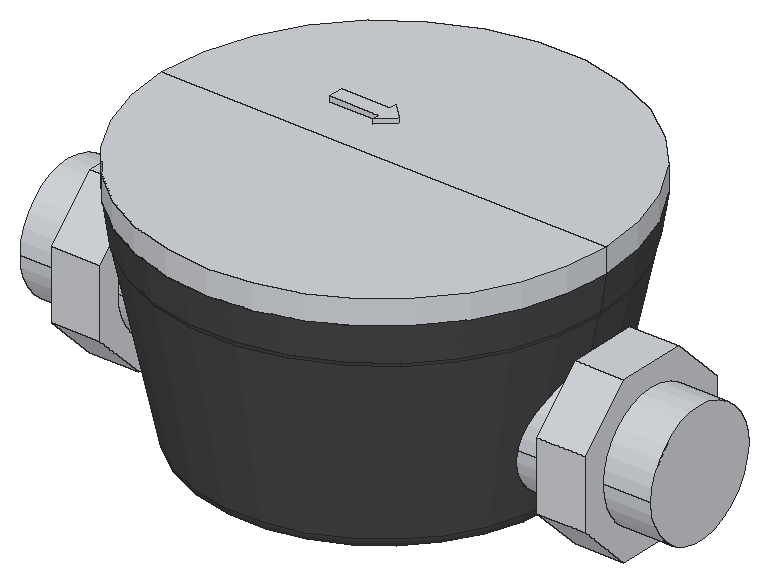
Revit family "Kamstrup_Multical_21", category Арматура трубопроводов, Revit 2016
Family settings
  Тип детали = Встроенный датчик
  Размер круглого соединителя = Использовать диаметр
  На основе рабочей плоскости = Нет
  Всегда вертикально = Да
  При загрузке вырезать с полостями = Нет
  Общий = Нет
Parameters (values of type "021-66-A0L")
  Тип2 = "Multical 021-66-A0L8"
  Тип1 = "Multical 021-66-A0L7"
  Тип счетчика [instance] = 8 Счетчик холодной воды : 8 Счетчик холодной воды
  Телефон = "+7 495 545 00 01"  # constant formula
  Таблица_выбора = ""
  Наименование [instance] = if(Тип счетчика = ID01, Тип1, Тип2)  # "Multical 021-66-A0L8"
  built-in parameter 1114242 [instance] = (empty or 0)
  Изготовитель = "ЗАО «Камструп»"  # constant formula
  Адрес = "141008, Московская обл., г. Мытищи, ул. Колпакова, 26"  # constant formula
  e-mail = "info@kamstrup.ru"  # constant formula
  URL = "https://www.kamstrup.com"
  L = 130 mm
  ID02 = 8 Счетчик холодной воды : 8 Счетчик холодной воды
  ID01 = 7 Счетчик горячей воды : 7 Счетчик горячей воды
  G = 25 mm
  DN = 20 mm
  A = 10 mm
Types (6, lengths in mm): name | Тип2 | Тип1 | Тип счетчика | Наименование | L | G | DN
  (no name) | "Multical 021-66-A0L8" | "Multical 021-66-A0L7" | 8 Счетчик холодной воды : 8 Счетчик холодной воды | "Multical 021-66-A0L8" | 130 | 25 | 20
  021-66-A0A | "Multical 021-66-A0A8" | "Multical 021-66-A0A7" | 7 Счетчик горячей воды : 7 Счетчик горячей воды | "Multical 021-66-A0A7" | 110 | 20 | 15
  021-66-A0D | "Multical 021-66-A0D8" | "Multical 021-66-A0D7" | 7 Счетчик горячей воды : 7 Счетчик горячей воды | "Multical 021-66-A0D7" | 110 | 20 | 15
  021-66-A0G | "Multical 021-66-A0G8" | "Multical 021-66-A0G7" | 7 Счетчик горячей воды : 7 Счетчик горячей воды | "Multical 021-66-A0G7" | 105 | 25 | 20
  021-66-A0H | "Multical 021-66-A0H8" | "Multical 021-66-A0H7" | 7 Счетчик горячей воды : 7 Счетчик горячей воды | "Multical 021-66-A0H7" | 130 | 25 | 20
  021-66-A0L | "Multical 021-66-A0L8" | "Multical 021-66-A0L7" | 8 Счетчик холодной воды : 8 Счетчик холодной воды | "Multical 021-66-A0L8" | 130 | 25 | 20
Reference planes
  plane 1 "По центру (Вперед/Назад)": y = 0
  plane 2: z = 0
  plane 3 "По центру (Влево/Вправо)": x = 0
  plane 4: x = -65
  plane 5: x = 65
  plane 6: x = 55
  plane 7: x = -55
  plane 8: x = -45
  plane 9: x = 45
  plane 10: z = -16.9
  plane 11: z = 35.1
  plane 12: z = 30.1
Forms (mm)
  Extrusion 1, solid, detail levels medium+fine
    sketch origin (0, 0, 0) x (0, 1, 0) y (0, 0, 1)
      loop
        circle (0, 0) r 12.5
    from -65 to 65
  Revolve 2, solid, material "Kamstrup_СВМПЭ, черный", detail levels medium+fine
    sketch origin (0, 0, 0) x (1, 0, 0) y (0, 0, 1)
      loop
        line (44.525, 22.428) -> (45.8, 30.1) -> (0, 30.1) -> (0, -16.9) -> (33.571, -16.9)
        arc (33.571, -16.9) -> (35.459, -16.232) -> (36.506, -14.524) r 3
        line (36.506, -14.524) -> (44.217, 21.711)
        arc (44.217, 21.711) -> (44.336, 22.085) -> (44.525, 22.428) r 2
      axis (0, 30.1) -> (0, -16.9)
    angle from 0 to 360
  Revolve 3, solid, detail levels medium+fine
    sketch origin (0, 0, 0) x (1, 0, 0) y (0, 0, 1)
      loop
        line (0, 35.1) -> (0, 30.1) -> (45.8, 30.1) -> (45.8, 35.1) -> (0, 35.1)
      axis (0, 35.1) -> (0, 30.1)
    angle from 0 to 360
Lines and regions (mm)
  Masking region 1, detail levels coarse
    outline origin (0, 0, 0) x (1, 0, 0) y (0, 1, 0)
      loop
        line (-150, 0) -> (114.907, -96.418)
        arc (114.907, -96.418) -> (150, 0) -> (114.907, 96.418) r 150
        line (114.907, 96.418) -> (-150, 0)
  reference lines
    curve 1: line (-150, 150, 0) -> (150, 150, 0)
    curve 2: line (-150, -150, 0) -> (-150, 150, 0)
    curve 3: line (150, -150, 0) -> (-150, -150, 0)
    curve 4: line (150, 150, 0) -> (150, -150, 0)
    curve 5: line (-150, 0, 0) -> (150, 0, 0)
    curve 6: line (0, 150, 0) -> (0, -150, 0)
  model lines, detail levels coarse
    curve 7: circle (0, 0, 0) r 150 normal (0, 0, 1)
    curve 8: line (-265, 150, 0) -> (-195, 150, 0)
    curve 9: line (-195, 150, 0) -> (-220.981, 165, 0)
    curve 10: line (-195, 150, 0) -> (-220.981, 135, 0)
    curve 11: line (150, 0, 0) -> (220, 0, 0)
    curve 12: line (-150, 0, 0) -> (-220, 0, 0)
    curve 25: line (-150, 0, 0) -> (114.907, 96.418, 0)
    curve 26: line (-150, 0, 0) -> (114.907, -96.418, 0)
  reference lines, not visible
    curve 13: line (1053.637, 715.232, 0) -> (1353.637, 715.232, 0)
    curve 14: line (1053.637, 415.232, 0) -> (1053.637, 715.232, 0)
    curve 15: line (1353.637, 415.232, 0) -> (1053.637, 415.232, 0)
    curve 16: line (1353.637, 715.232, 0) -> (1353.637, 415.232, 0)
    curve 17: line (1053.637, 565.232, 0) -> (1353.637, 565.232, 0)
    curve 18: line (1203.637, 715.232, 0) -> (1203.637, 415.232, 0)
  model lines, not visible, detail levels coarse
    curve 19: circle (1203.637, 565.232, 0) r 150 normal (0, 0, 1)
    curve 20: line (938.637, 715.232, 0) -> (1008.637, 715.232, 0)
    curve 21: line (1008.637, 715.232, 0) -> (982.657, 730.232, 0)
    curve 22: line (1008.637, 715.232, 0) -> (982.657, 700.232, 0)
    curve 23: line (1353.637, 565.232, 0) -> (1423.637, 565.232, 0)
    curve 24: line (1053.637, 565.232, 0) -> (983.637, 565.232, 0)
    curve 27: line (1053.637, 565.232, 0) -> (1318.544, 661.651, 0)
    curve 28: line (1053.637, 565.232, 0) -> (1318.544, 468.814, 0)
Dimensions and locks
  equal spacing: plane 5, plane 3 "По центру (Влево/Вправо)", plane 4
  "L": plane 5 to plane 4
  "A": plane 5 to plane 6
  "A": plane 7 to plane 4
  locked: plane 7 to plane 8 at 10
  plane 8 to plane 7 = 10 mm
  locked: plane 6 to plane 9 at 10
  locked: curve 3 to plane 10 at 16.9
  locked: plane 11 to plane 10 at 52
  locked: plane 12 to plane 10 at 47
  locked: Revolve 3 sketch curve to Revolve 3 sketch curve at 45.8
  locked: Revolve 2 sketch curve to Revolve 2 sketch curve at 45.8
  locked: Masking region 1 sketch curve to Masking region 1 sketch curve (radius 150 mm)
  "G": diameter of Extrusion 1 sketch curve
  aligned and locked: level to plane 2
  aligned and locked: Masking region 1 sketch curve to curve 25
  aligned and locked: Masking region 1 sketch curve to curve 26
  aligned and locked: curve 6 to Masking region 1 sketch curve
  aligned and locked: curve 5 to Masking region 1 sketch curve
  aligned and locked: plane 1 "По центру (Вперед/Назад)" to Extrusion 1 sketch curve
  aligned and locked: curve 4 to Extrusion 1 sketch curve
  aligned and locked: Extrusion 1 to plane 4
  aligned and locked: plane 5 to Extrusion 1
  aligned and locked: nested 1 to plane 1 "По центру (Вперед/Назад)"
  aligned and locked: nested 1 to level
  aligned and locked: plane 9 to nested 1
  aligned and locked: plane 6 to nested 1
  aligned and locked: level to nested 2
  aligned and locked: plane 8 to nested 2
  aligned and locked: plane 7 to nested 2
  aligned and locked: plane 1 "По центру (Вперед/Назад)" to nested 2
  aligned and locked: plane 10 to Revolve 2 sketch curve
  aligned and locked: plane 3 "По центру (Влево/Вправо)" to Revolve 2 sketch curve
  aligned and locked: nested 3 to plane 1 "По центру (Вперед/Назад)"
  aligned and locked: plane 11 to nested 3
  aligned and locked: plane 3 "По центру (Влево/Вправо)" to nested 3
  aligned and locked: plane 1 "По центру (Вперед/Назад)" to nested 4
  aligned and locked: nested 4 to plane 3 "По центру (Влево/Вправо)"
Automatic sketch dimensions
  curve 3 to curve 1 = 300 mm
  curve 1 to curve 6 = 150 mm
  curve 2 to curve 5 = 150 mm
  curve 6 to curve 3 = 150 mm
  curve 15 to curve 13 = 300 mm
  curve 13 to curve 18 = 150 mm
  curve 14 to curve 17 = 150 mm
  curve 18 to curve 15 = 150 mm
  curve 7 to curve 8 = 150 mm
  curve 12 to curve 8 = 25 mm
  curve 10 to curve 8 = 25.981 mm
  curve 9 to curve 8 = 25.981 mm
  curve 8 to curve 9 = 44.019 mm
  curve 12 to curve 25 = 70 mm
  curve 26 to curve 11 = 35.093 mm
  curve 25 to curve 11 = 35.093 mm
  curve 11 to curve 11 = 70 mm
  curve 11 to curve 25 = 96.418 mm
  curve 12 to curve 7 = 0 mm
  curve 25 to curve 12 = 0 mm
  curve 26 to curve 11 = 96.418 mm
  curve 10 to curve 8 = 15 mm
  curve 8 to curve 9 = 15 mm
  curve 19 to curve 20 = 150 mm
  curve 24 to curve 20 = 25 mm
  curve 22 to curve 20 = 25.981 mm
  curve 21 to curve 20 = 25.981 mm
  curve 20 to curve 21 = 44.019 mm
  curve 24 to curve 27 = 70 mm
  curve 28 to curve 23 = 35.093 mm
  curve 27 to curve 23 = 35.093 mm
  curve 23 to curve 23 = 70 mm
  curve 23 to curve 27 = 96.418 mm
  curve 24 to curve 19 = 0 mm
  curve 27 to curve 24 = 0 mm
  curve 28 to curve 23 = 96.418 mm
  curve 22 to curve 20 = 15 mm
  curve 20 to curve 21 = 15 mm
  Revolve 3 sketch curve to plane 3 "По центру (Влево/Вправо)" = 0 mm  (x2)
  Revolve 3 sketch curve to plane 12 = 0 mm  (x2)
  Revolve 3 sketch curve to plane 11 = 0 mm  (x2)
  Revolve 2 sketch curve to plane 3 "По центру (Влево/Вправо)" = 0 mm
  Revolve 2 sketch curve to plane 12 = 0 mm
  Revolve 2 sketch curve to plane 10 = 0 mm
  Revolve 2 sketch curve to plane 11 = 0 mm
  Revolve 2 sketch curve to plane 9 = 11.429 mm
  plane 10 to Revolve 2 sketch curve = 2.376 mm
  Revolve 2 sketch curve to Revolve 2 sketch curve = 2.934 mm
  Revolve 2 sketch curve to plane 9 = 0.783 mm
  Revolve 2 sketch curve to plane 9 = 0.475 mm
  plane 9 to Revolve 2 sketch curve = 1.173 mm
  Revolve 2 sketch curve to plane 12 = 8.805 mm
  Revolve 2 sketch curve to Revolve 2 sketch curve = 0.416 mm
Nested families
  nested 1: "nut 8" at (45, 0, 0) x (0, 1, 0) z (0, 0, 1), type "nut 8", detail levels medium+fine
    with h 10 mm, S 33.8 mm
  nested 2: "nut 8" at (-45, 0, 0) x (0, 1, 0) z (0, 0, 1), type "nut 8", detail levels medium+fine
    with h 10 mm, S 33.8 mm
  nested 3: "S0854_b" at (0, 0, 35.1) x (1, 0, 0) z (0, 1, 0), type "S0854_b", detail levels medium+fine
  nested 4: "Стрелочко" at (-10, 0, 42.9), type "Стрелочко", detail levels medium+fine
    with t 3 mm, l 10 mm
Connectors
  piping at (65, 0, 0), diameter 20, driven by "DN"
    settings: on Extrusion 1, index 1, connector inside diameter 609.6 mm, connector length 0 mm, flow factor 0, pipe flow 0.0 L/s, pressure drop 0.0 Pa, fitting loss kfactor 0, connector angle 0.00°, fixture units 0, engagement length 0 mm, angle of deflection 0.00°, flow configuration 0, flow direction 0, fitting loss method 0, system type 28, joint type 0, gender type 0, connector reference index 2, connector utility 0, adjustable connector no, is connector primary yes, connector description ""
  piping at (-65, 0, 0), diameter 20, driven by "DN"
    settings: on Extrusion 1, index 2, connector inside diameter 609.6 mm, connector length 0 mm, flow factor 0, pipe flow 0.0 L/s, pressure drop 0.0 Pa, fitting loss kfactor 0, connector angle 0.00°, fixture units 0, engagement length 0 mm, angle of deflection 0.00°, flow configuration 0, flow direction 0, fitting loss method 0, system type 28, joint type 0, gender type 0, connector reference index 1, connector utility 0, adjustable connector no, is connector primary no, connector description ""
Definition of nested family "nut 8"
  Parameters (values of type "nut 8")
    h [instance] = 5 mm
    S [instance] = 30 mm
  Reference planes
    plane 1 "По центру (Вперед/Назад)": y = 0
    plane 2: z = 0
    plane 3 "По центру (Влево/Вправо)": x = 0
    plane 4: z = 15
    plane 5: z = -15
    plane 6: x = 15
    plane 7: x = -15
    plane 8: y = -5
  Forms (mm)
    Extrusion 1, solid
      sketch origin (0, 0, 0) x (1, 0, 0) y (0, 0, 1)
        loop
          line (-15, -6.213) -> (-6.213, -15) -> (6.213, -15) -> (15, -6.213) -> (15, 6.213) -> (6.213, 15) -> (-6.213, 15) -> (-15, 6.213) -> (-15, -6.213)
      from 0 to 5
  Lines and regions (mm)
    reference lines
      curve 1: line (-15, 0, -15) -> (15, 0, 15)
      curve 2: line (-15, 0, 15) -> (15, 0, -15)
      curve 3: line (-6.213, 0, 15) -> (-15, 0, 6.213)
      curve 4: line (-15, 0, 6.213) -> (-15, 0, -6.213)
      curve 5: line (-15, 0, -6.213) -> (-6.213, 0, -15)
      curve 6: line (-6.213, 0, -15) -> (6.213, 0, -15)
      curve 7: line (6.213, 0, -15) -> (15, 0, -6.213)
      curve 8: line (15, 0, -6.213) -> (15, 0, 6.213)
      curve 9: line (15, 0, 6.213) -> (6.213, 0, 15)
      curve 10: line (6.213, 0, 15) -> (-6.213, 0, 15)
      curve 11: line (-15, 0, 0) -> (15, 0, 0)
      curve 12: line (0, 0, 15) -> (0, 0, -15)
  Dimensions and locks
    equal spacing: plane 6, plane 3 "По центру (Влево/Вправо)", plane 7
    equal spacing: plane 4, level, plane 5
    "S": plane 6 to plane 7
    "S": plane 4 to plane 5
    "h": plane 1 "По центру (Вперед/Назад)" to plane 8
    equal spacing: curve 3, curve 1, curve 7
    "S": curve 3 to curve 7
    equal spacing: curve 5, curve 2, curve 9
    "S": curve 5 to curve 9
    aligned and locked: level to plane 2
    aligned and locked: Extrusion 1 sketch curve to curve 5
    aligned and locked: Extrusion 1 sketch curve to curve 4
    aligned and locked: Extrusion 1 sketch curve to curve 3
    aligned and locked: Extrusion 1 sketch curve to curve 10
    aligned and locked: Extrusion 1 sketch curve to curve 9
    aligned and locked: Extrusion 1 sketch curve to curve 8
    aligned and locked: Extrusion 1 sketch curve to curve 7
    aligned and locked: Extrusion 1 sketch curve to curve 6
    aligned and locked: plane 8 to Extrusion 1
    aligned and locked: curve 11 to plane 2
    aligned and locked: curve 12 to plane 3 "По центру (Влево/Вправо)"
  Automatic sketch dimensions
    curve 1 to plane 5 = 0 mm
    curve 1 to plane 7 = 0 mm
    curve 5 to plane 7 = 0 mm
    curve 2 to plane 4 = 0 mm
    curve 2 to plane 7 = 0 mm
    curve 10 to plane 4 = 0 mm
    curve 5 to plane 5 = 0 mm
    plane 6 to curve 8 = 0 mm
    curve 2 to plane 5 = 0 mm
    plane 6 to curve 2 = 0 mm
    curve 1 to plane 4 = 0 mm
    plane 6 to curve 1 = 0 mm
Definition of nested family "Стрелочко"
  Parameters (values of type "Стрелочко")
    Default Elevation = 1219.2 mm
    t [instance] = 50 mm
    l [instance] = 400 mm
  Reference planes
    plane 1 "По центру (Вперед/Назад)": y = 0
    plane 2: z = 0
    plane 3 "По центру (Влево/Вправо)": x = 0
    plane 4: x = 400
    plane 5: y = 25
    plane 6: y = -25
    plane 7: x = 450
  Forms (mm)
    Extrusion 1, solid
      sketch origin (0, 0, 0) x (1, 0, 0) y (0, 1, 0)
        loop
          line (0, 25) -> (0, -25) -> (400, -25) -> (400, -50) -> (450, 0) -> (400, 50) -> (400, 25) -> (0, 25)
      from 0 to 1
  Dimensions and locks
    equal spacing: Extrusion 1 sketch curve, plane 1 "По центру (Вперед/Назад)", Extrusion 1 sketch curve
    "l": plane 3 "По центру (Влево/Вправо)" to plane 4
    equal spacing: plane 6, plane 1 "По центру (Вперед/Назад)", plane 5
    "t": plane 5 to plane 6
    "t": Extrusion 1 sketch curve to plane 1 "По центру (Вперед/Назад)"
    "t": plane 1 "По центру (Вперед/Назад)" to Extrusion 1 sketch curve
    "t": plane 4 to plane 7
    aligned and locked: level to plane 2
    aligned and locked: Extrusion 1 to plane 3 "По центру (Влево/Вправо)"
    aligned and locked: plane 4 to Extrusion 1 sketch curve
  Automatic sketch dimensions
    Extrusion 1 sketch curve to plane 3 "По центру (Влево/Вправо)" = 0 mm
    Extrusion 1 sketch curve to plane 4 = 0 mm
    Extrusion 1 sketch curve to plane 6 = 0 mm
    plane 1 "По центру (Вперед/Назад)" to Extrusion 1 sketch curve = 0 mm
Definition of nested family "S0854_b"
  Parameters (values of type "S0854_b")
    Cost = 0
    Description = ""
    Type Comments = ""
    Manufacturer = ""
    Model = ""
    URL = ""
  Reference planes
    plane 1: y = 0
    plane 2: z = 0
    plane 3: x = 0
